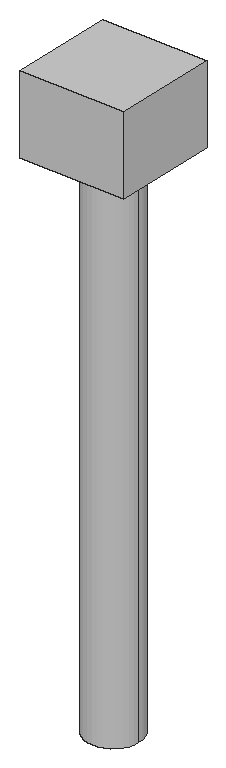
Revit family "Bloco de fundação - 1 Estaca", category Fundações estruturais, Revit 2019
Family settings
  Material para o comportamento do modelo = Outros
  Cap = Não
  Com base no plano de trabalho = Não
  Sempre na vertical = Sim
  Corte com vazios quando carregada = Não
  Compartilhado = Não
Parameters (values of type "1200x1200x900mm")
  Largura = 1200 mm
  Structural Material [instance] = Concreto - Moldado in loco
  Tipo do pilar [instance] = Estaca de concreto : Diâmetro de 600 mm
  Profundidade da estaca [instance] = 6000 mm
  Comprimento = 1200 mm
  Espessura da fundação = 900 mm
  Cortado = 150 mm
  Código de montagem = "A1010130"
Reference planes
  plane 1 "Centro (Frente/Trás)": y = 0
  plane 2: z = 0
  plane 3 "Centro (Esquerda/Direita)": x = 0
  plane 4: x = -600
  plane 5: x = 600
  plane 6: y = 600
  plane 7: y = -600
  plane 8: z = -900
  plane 9: z = -750
  plane 10: z = -6900
Forms (mm)
  Extrusion 1, solid, material "Concreto - Moldado in loco" <- "Structural Material"
    sketch origin (0, 0, 0) x (1, 0, 0) y (0, 1, 0)
      loop
        line (-600, 600) -> (-600, -600) -> (600, -600) -> (600, 600) -> (-600, 600)
    from -900 to 0
Dimensions and locks
  "Largura": plane 4 to plane 5
  "Comprimento": plane 6 to plane 7
  equal spacing: plane 6, plane 1 "Centro (Frente/Trás)", plane 7
  equal spacing: plane 4, plane 3 "Centro (Esquerda/Direita)", plane 5
  "Espessura da fundação": plane 2 to plane 8
  "Cortado": plane 9 to plane 8
  "Profundidade da estaca": plane 8 to plane 10
  aligned and locked: plane 4 to Extrusion 1 sketch curve
  aligned and locked: Extrusion 1 sketch curve to plane 5
  aligned and locked: Extrusion 1 sketch curve to plane 6
  aligned and locked: plane 7 to Extrusion 1 sketch curve
  aligned and locked: level to Extrusion 1
  aligned and locked: Extrusion 1 to plane 8
  aligned and locked: plane 9 to nested 1
  aligned and locked: plane 1 "Centro (Frente/Trás)" to nested 1
  aligned and locked: plane 3 "Centro (Esquerda/Direita)" to nested 1
Nested families
  nested 1: "Estaca de concreto" at (0, 0, -900), Emblocamento mínimo <- "Cortado", Linear <- "Profundidade da estaca", type <- "Tipo do pilar", type "Diâmetro de 600 mm"
    with Structural Material Concreto - Moldado in loco, Emblocamento mínimo 150 mm, Linear 6000 mm
Definition of nested family "Estaca de concreto"
  Parameters
    Structural Material [instance] = none
    Raio = Diâmetro / 2  # 300 mm
    Emblocamento mínimo [instance] = 100 mm
    Diâmetro = 600 mm
    Linear [instance] = 6000 mm
  Reference planes
    plane 1 "Centro (Frente/Trás)": y = 0
    plane 2: z = 0
    plane 3 "Centro (Esquerda/Direita)": x = 0
    plane 4: z = 100
    plane 5: z = -6000
  Forms (mm)
    Extrusion 1, solid, material <- "Structural Material"
      sketch origin (0, 0, 0) x (1, 0, 0) y (0, 1, 0)
        loop
          circle (0, 0) r 300
      from -6000 to 100
  Dimensions and locks
    "Emblocamento mínimo": plane 4 to plane 2
    "Linear": plane 2 to plane 5
    "Raio": radius of Extrusion 1 sketch curve
    aligned and locked: plane 2 to level
    aligned and locked: plane 1 "Centro (Frente/Trás)" to Extrusion 1 sketch curve
    aligned and locked: plane 3 "Centro (Esquerda/Direita)" to Extrusion 1 sketch curve
    aligned and locked: Extrusion 1 to plane 5
    aligned and locked: plane 4 to Extrusion 1
